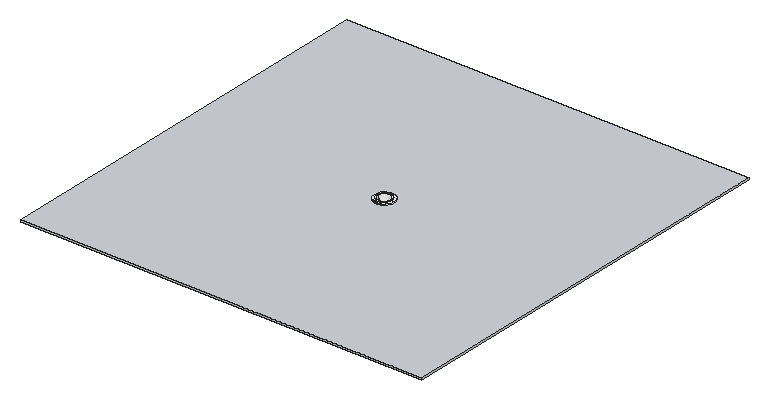
Revit family "Thorn CETUS3 S", category Lighting Fixtures, host Face, Revit 2016
Family settings
  Host = Face
  Part Type = Normal
  Round Connector Dimension = Use Diameter
  OmniClass Number = 23.80.70.11
  OmniClass Title = Luminaries for Internal Lighting
  Cut with Voids When Loaded = No
  Light Source = Yes
  Shared = No
  Room Calculation Point = No
Parameters (values of type "CETUS3 S 800-840 HF E3D RWH")
  Width = 137 mm  # constant formula
  Wattage Comments = ""
  Wattage = 5.34529 W
  built-in parameter 1150110 = 1 (stored number, unit not read)
  Voltage = 230 V
  URL = "www.thornlighting.com/92943893"
  Type Comments = "© Thorn. We reserve the right to make technical changes without prior notice."  # constant formula
  built-in parameter 1114217 = 1 (stored number, unit not read)
  Tilt Angle = -90.00°
  built-in parameter 1150109 = 1 (stored number, unit not read)
  built-in parameter 1150134 = 12
  built-in parameter 1150113 = 1 (stored number, unit not read)
  Photometric Web File = "92943893_(STD).IES"
  Model = "92943893"
  Manufacturer = "Thorn Lighting"  # constant formula
  built-in parameter 1150105 = 63.185 (stored number, unit not read)
  Lumens = 794 lm
  built-in parameter 1150115 = 1 (stored number, unit not read)
  built-in parameter 1150137 = (empty or 0)
  built-in parameter 1150139 = (empty or 0)
  Length = 137 mm  # constant formula
  built-in parameter 1150112 = 1 (stored number, unit not read)
  built-in parameter 1150114 = 1 (stored number, unit not read)
  Lamp = "LED"
  built-in parameter 1150132 = 2
  built-in parameter 1150102 = (empty or 0)
  built-in parameter 1150107 = 4000 (stored number, unit not read)
  built-in parameter 1150138 = (empty or 0)
  built-in parameter 1150106 = 0.63185 (stored number, unit not read)
  Height = 80 mm  # constant formula
  Emit from Circle Diameter = Length - 51 mm  # 86 mm
  Emit Shape Visible in Rendering = no
  built-in parameter 1150104 = 13.8 (stored number, unit not read)
  Dimming Lamp Color Temperature Shift = <None>
  Description = "Recessed LED luminaire"  # constant formula
  Default Elevation = 0 mm
  Color Filter = 16777215
  Body = Thorn_Metal_White
  built-in parameter 1114218 = 1 (stored number, unit not read)
  built-in parameter 1150133 = 10 (stored number, unit not read)
  Assembly Code = "D5020200"
  Apparent Load = 6.6 VA
Types (2, lengths in mm): name | URL | Photometric Web File | Model
  CETUS3 S 800-840 HF RWH | "www.thornlighting.com/96634886" | "96634886_(STD).IES" | "96634886"
  CETUS3 S 800-840 HF E3D RWH | "www.thornlighting.com/92943893" | "92943893_(STD).IES" | "92943893"
Reference planes
  plane 1 "Center (Front/Back)": y = 0
  plane 2 "Top": z = 0
  plane 3 "Center (Left/Right)": x = 399.5
  plane 4: z = -70
  plane 5: z = 5
Forms (mm)
  Extrusion 1, solid
    sketch origin (0, 0, 0) x (1, 0, 0) y (0, 1, 0)
      loop
        line (-1010.5, 1431.145) -> (-1010.5, -1431.145) -> (1809.5, -1431.145) -> (1809.5, 1431.145) -> (-1010.5, 1431.145)
    from 0 to -14
  Extrusion 2, void
    sketch origin (0, 0, 0) x (1, 0, 0) y (0, 1, 0)
      loop
        circle (399.5, 0) r 55
    from 0 to -100
  Revolve 3, solid, material "Thorn_Metal_White" <- "Body"
    sketch origin (0, 0, 0) x (1, 0, 0) y (0, 0, 1)
      loop
        line (364.5, -43.788) -> (365.817, -70) -> (399.5, -70) -> (399.5, -43.788) -> (371.193, -43.788)
        arc (371.193, -43.788) -> (362.184, -19.898) -> (356.531, 5) r 185.999
        line (356.531, 5) -> (344.163, 5) -> (331, 3.058) -> (331, 0) -> (354.331, 0)
        arc (354.331, 0) -> (359.782, -22.307) -> (367.899, -43.788) r 188.999
        line (367.899, -43.788) -> (364.5, -43.788)
      axis (399.5, 5) -> (399.5, -70)
    angle from 0 to 360
Dimensions and locks
  plane 5 to plane 2 "Top" = 5 mm
  locked: plane 5 to plane 4 at 75
  aligned and locked: Extrusion 1 to plane 2 "Top"
  aligned and locked: imposter light to plane 1 "Center (Front/Back)"
  aligned and locked: imposter light to plane 3 "Center (Left/Right)"
  aligned and locked: plane 5 to imposter light
Connectors
  electrical at (399.5, 0, -70), driven by "Apparent Load", driven by "Voltage"
    settings: on Revolve 3, index 1, voltage 230 V, apparent load 6.6 VA, apparent load phase1 0 VA, apparent load phase2 0 VA, apparent load phase3 0 VA, power factor 1, load classification "Lighting", number of poles 1, system type 30, power factor state 1, is connector primary yes, connector utility no, sub classification motor no, connector description ""
